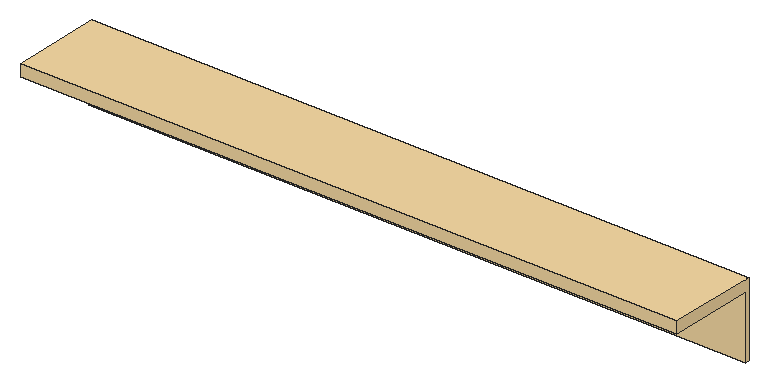
Revit family "架子_长88cm", category 家具, Revit 2019
Family settings
  OmniClass 编号 = 23.40.20.00
  OmniClass 标题 = General Furniture and Specialties
  基于工作平面 = 否
  总是垂直 = 是
  加载时剪切的空心 = 否
  共享 = 否
  房间计算点 = 否
Parameters (values of type "白橡木")
  高度 = 100 mm
  长度 = 880 mm
  说明 = "承重3kg"
  材质 = 橡木_白色_树脂涂装
  成本 = 350
  宽度 = 120 mm
  型号 = "37287358"
  制造商 = "MUJI"
Types (3, lengths in mm): name | 材质 | 成本 | 型号
  (no name) | 橡木_白色_树脂涂装 | 350 | "37287358"
  白橡木 | 橡木_白色_树脂涂装 | 350 | "37287358"
  黑胡桃木 | 胡桃木_黑色_树脂涂装 | 420 | "37287433"
Reference planes
  plane 1 "中心(前/后)": y = 0
  plane 2: z = 0
  plane 3 "中心(左/右)": x = 0
  plane 4: x = 880
  plane 5: y = -120
  plane 6: z = -100
Forms (mm)
  Extrusion 1, solid, material "橡木_白色_树脂涂装" <- "材质"
    sketch origin (0, 0, 0) x (0, 1, 0) y (0, 0, 1)
      loop
        line (-120, 0) -> (-120, -15) -> (-5, -15) -> (-5, -100) -> (0, -100) -> (0, 0) -> (-120, 0)
    from 0 to 880
Dimensions and locks
  "长度": plane 4 to plane 3 "中心(左/右)"
  "宽度": plane 5 to plane 1 "中心(前/后)"
  "高度": plane 2 to plane 6
  locked: plane 2 to Extrusion 1 sketch curve at 15
  locked: Extrusion 1 sketch curve to plane 1 "中心(前/后)" at 5
  aligned and locked: level to plane 2
  aligned and locked: plane 1 "中心(前/后)" to Extrusion 1 sketch curve
  aligned and locked: Extrusion 1 sketch curve to plane 2
  aligned and locked: plane 5 to Extrusion 1 sketch curve
  aligned and locked: plane 6 to Extrusion 1 sketch curve
  aligned and locked: plane 4 to Extrusion 1
  aligned and locked: Extrusion 1 to plane 3 "中心(左/右)"
